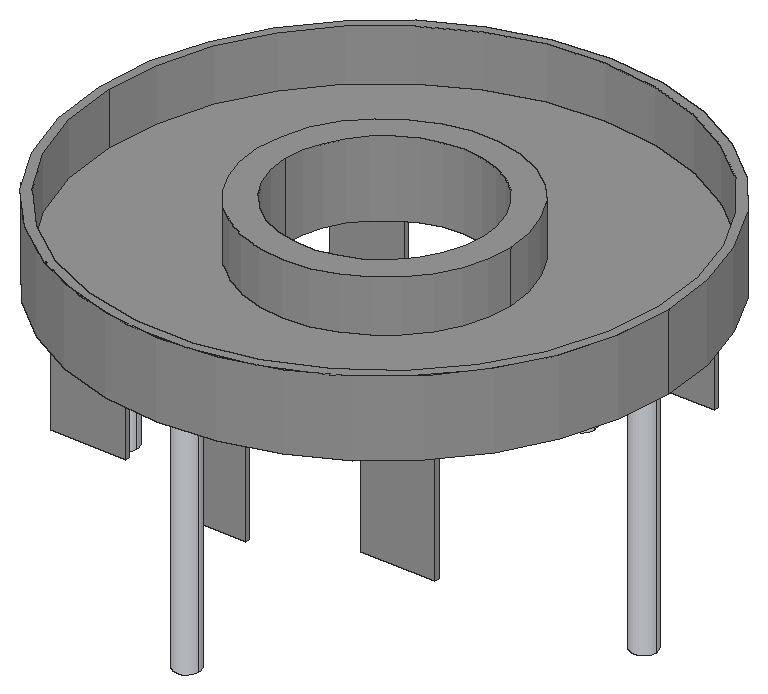
Revit family "Nivellierbare Schwerlastkassette für Tubus, RKFRSL, 25, 7", category Generic Models, Revit 2015
Parameters (values of type "RKFR2 7 SL2V2 25")
  URL = "http://www.obo-bettermann.com"
  Material = Stainless Steel, Polished
  Manufacturer Art.No. = "7409468"
  Manufacturer = "OBO Bettermann"
  HeightCalc = if(Height < 109 mm, 109 mm, (if(Height > 159 mm, 159 mm, Height)))  # 150 mm
  Height 1 = 36.5 mm
  Height = 150 mm
  GTIN = "4012195869757"
  Diameter 1 = 265.6 mm
  Diameter = 274 mm
  Cut depth = 25 mm
  Article Type = "RKFR2 7 SL2V2 25"
Reference planes
  plane 1 "Center (Front/Back)": y = 0
  plane 2: z = 0
  plane 3 "Center (Left/Right)": x = 0
  plane 4: z = 113.5
  plane 5: y = 99.5
  plane 6: y = -99.5
  plane 7: z = 150
  plane 8: z = 54.7
  plane 9: z = 125
Forms (mm)
  Extrusion 1, solid
    sketch origin (0, 0, 0) x (1, 0, 0) y (0, 1, 0)
      loop
        circle (0, 119) r 6
      loop
        circle (0, -119) r 6
      loop
        circle (-125, 0) r 6
      loop
        circle (125, 0) r 6
    from 0 to 113.5
  Extrusion 2, solid, material "Stainless Steel, Polished" <- "Material"
    sketch origin (0, 0, 0) x (1, 0, 0) y (0, 1, 0)
      loop
        line (56.5, 85) -> (56.5, 83) -> (92.5, 83) -> (92.5, 85) -> (56.5, 85)
      loop
        line (-92.5, 85) -> (-92.5, 83) -> (-56.5, 83) -> (-56.5, 85) -> (-92.5, 85)
      loop
        line (-18, 106) -> (-18, 104) -> (18, 104) -> (18, 106) -> (-18, 106)
      loop
        line (56.5, -83) -> (56.5, -85) -> (92.5, -85) -> (92.5, -83) -> (56.5, -83)
      loop
        line (-92.5, -83) -> (-92.5, -85) -> (-56.5, -85) -> (-56.5, -83) -> (-92.5, -83)
      loop
        line (-18, -104) -> (-18, -106) -> (18, -106) -> (18, -104) -> (-18, -104)
    from 54.7 to 113.5
  Extrusion 3, solid, material "Stainless Steel, Polished" <- "Material"
    sketch origin (0, 0, 0) x (1, 0, 0) y (0, 1, 0)
      loop
        circle (0, 0) r 137
    from 113.5 to 150
  Extrusion 4, void
    sketch origin (0, 0, 0) x (1, 0, 0) y (0, 1, 0)
      loop
        circle (0, 0) r 132.8
      loop
        circle (0, 0) r 61
    from 125 to 150
  Extrusion 5, void
    sketch origin (0, 0, 0) x (1, 0, 0) y (0, 1, 0)
      loop
        circle (0, 0) r 47.77
    from 113.5 to 150
Cuts and joins
  Extrusion 4 cuts Extrusion 1
  Extrusion 4 cuts Extrusion 2
  Extrusion 4, Extrusion 5 cuts Extrusion 3
Dimensions and locks
  "HeightCalc": plane 7 to level
  "Height 1": plane 7 to plane 4
  locked: plane 4 to plane 8 at 58.8
  "Cut depth": plane 7 to plane 9
  locked: plane 5 to plane 6 at 199
  equal spacing: plane 5, plane 1 "Center (Front/Back)", plane 6, locked at 99.5 each
  locked: plane 1 "Center (Front/Back)" to Extrusion 1 sketch curve at 119
  locked: Extrusion 1 sketch curve to plane 1 "Center (Front/Back)" at 119
  locked: Extrusion 1 sketch curve to plane 3 "Center (Left/Right)" at 125
  locked: plane 3 "Center (Left/Right)" to Extrusion 1 sketch curve at 125
  locked: Extrusion 2 sketch curve to Extrusion 2 sketch curve at 36  (x6)
  locked: Extrusion 2 sketch curve to Extrusion 2 sketch curve at 2  (x6)
  locked: Extrusion 2 sketch curve to Extrusion 2 sketch curve at 113  (x2)
  equal spacing: Extrusion 2 sketch curve, plane 3 "Center (Left/Right)", Extrusion 2 sketch curve, locked at 56.5 each  (x2)
  locked: Extrusion 2 sketch curve to plane 1 "Center (Front/Back)" at 83  (x2)
  equal spacing: Extrusion 2 sketch curve, plane 3 "Center (Left/Right)", Extrusion 2 sketch curve, locked at 18 each  (x2)
  locked: plane 1 "Center (Front/Back)" to Extrusion 2 sketch curve at 104
  locked: Extrusion 2 sketch curve to plane 1 "Center (Front/Back)" at 104
  "Diameter": diameter of Extrusion 3 sketch curve
  "Diameter 1": diameter of Extrusion 4 sketch curve
  diameter of Extrusion 1 sketch curve = 12 mm  (x4)
  diameter of Extrusion 4 sketch curve = 122 mm
  diameter of Extrusion 5 sketch curve = 95.54 mm
  aligned and locked: level to plane 2
  aligned and locked: plane 4 to Extrusion 1
  aligned and locked: Extrusion 1 to Extrusion 2
  aligned and locked: Extrusion 2 to plane 8
  aligned and locked: Extrusion 3 to Extrusion 1
  aligned and locked: plane 7 to Extrusion 3
  aligned and locked: cut or joined group of Extrusion 3, Extrusion 4, Extrusion 5 to Extrusion 4
  aligned and locked: Extrusion 4 to plane 9
  aligned and locked: Extrusion 2 sketch curve to Extrusion 2 sketch curve  (x2)
  aligned and locked: Extrusion 3 to Extrusion 5  (x2)
Automatic sketch dimensions
  Extrusion 1 sketch curve to plane 3 "Center (Left/Right)" = 0 mm  (x2)
  plane 1 "Center (Front/Back)" to Extrusion 1 sketch curve = 0 mm  (x2)
  plane 1 "Center (Front/Back)" to Extrusion 3 sketch curve = 0 mm
  Extrusion 3 sketch curve to plane 3 "Center (Left/Right)" = 0 mm
  Extrusion 4 sketch curve to Extrusion 4 sketch curve = 0 mm  (x2)
  plane 1 "Center (Front/Back)" to Extrusion 4 sketch curve = 0 mm
  Extrusion 4 sketch curve to plane 3 "Center (Left/Right)" = 0 mm
  plane 1 "Center (Front/Back)" to Extrusion 5 sketch curve = 0 mm
  Extrusion 5 sketch curve to plane 3 "Center (Left/Right)" = 0 mm
